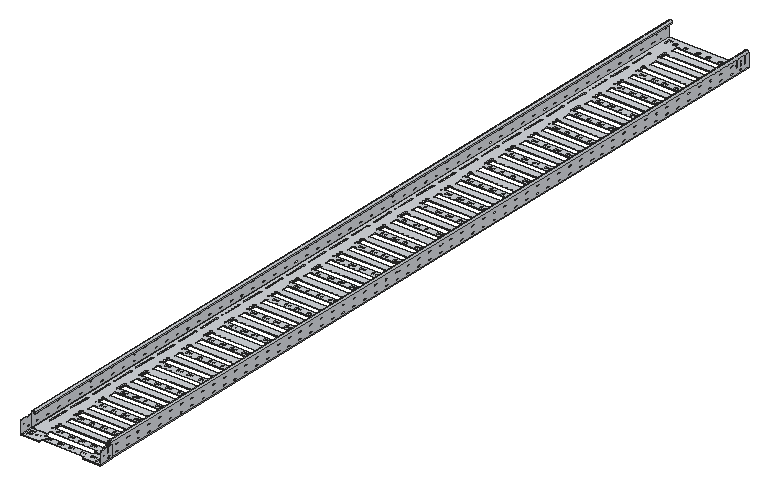
Revit family "MKSM Magic Kabelrinne 1 mm- MKSM 630 FT,FS", category Generic Models, Revit 2017
Family settings
  Can host rebar = No
  Round Connector Dimension = Use Diameter
  Part Type = Normal
  Work Plane-Based = No
  Always vertical = Yes
  Cut with Voids When Loaded = No
  Shared = No
  Room Calculation Point = No
Parameters (values of type "MKSM 630 FS")
  Width 1 = Width / 2  # 150 mm
  Width = 300 mm
  URL = "http://www.obo-bettermann.com"
  Material = Strip galvanised
  Manufacturer Art.No. = "6059006"
  Manufacturer = "OBO Bettermann"
  Length 4 = 2847 mm
  Length 3 = 2745 mm
  Length 2 = 2897.5 mm
  Length 1 = 3000 mm
  Length = 3050 mm
  Height 1 = 48.3 mm
  Height = 60 mm
  GTIN = "4012195829959"
  Cut's space 2 = 101.7 mm
  Cut's space = 50.8 mm
  Cut's number 4 = Length 4 / Cut's space 2  # 28
  Cut's number 3 = Length 3 / Cut's space 2  # 27
  Cut's number 2 = Length 2 / Cut's space  # 57
  Cut's number = 2
  Article Type = "MKSM 630 FS"
Reference planes
  plane 1 "Center (Front/Back)": y = 0
  plane 2: z = 0
  plane 3 "Center (Left/Right)": x = 0
  plane 4: z = 51
  plane 5: z = 60
  plane 6: z = 51
  plane 7: z = 60
  plane 8: z = -3.6
  plane 9: z = -1.75
  plane 10: z = -1.75
  plane 11: z = 59.988
  plane 12: z = -1.75
  plane 13: z = 14.002
  plane 14: z = 0
  plane 15: y = 3000
  plane 16: y = -50
  plane 17: z = 0
  plane 18: y = 2964.15
  plane 19: z = 27.495
  plane 20: z = 34.995
  plane 21: y = 2964.15
  plane 22: z = 27.5
  plane 23: z = 38.995
  plane 24: z = 34.995
  plane 25: z = 34.972
  plane 26: z = 13.995
  plane 27: z = 13.709
  plane 28: z = 14
  plane 29: z = 39
  plane 30: y = 2923.75
  plane 31: z = 13.995
  plane 32: z = 38.995
  plane 33: x = -20
  plane 34: x = 20
  plane 35: y = -24.58
  plane 36: x = -65
  plane 37: x = 65
  plane 38: x = -131
  plane 39: x = 131
  plane 40: y = -16.58
  plane 41: y = -32.58
  plane 42: y = -16.58
  plane 43: y = -32.58
  plane 44: x = -104
  plane 45: x = 104
  plane 46: y = 2974.9
  plane 47: y = 2974.9
  plane 48: x = 0
  plane 49: x = -20
  plane 50: x = 20
  plane 51: x = 15.016
  plane 52: x = 27.016
  plane 53: y = 2969.9
  plane 54: y = 2979.859
  plane 55: x = -13
  plane 56: y = 2979.9
  plane 57: x = -27
  plane 58: x = -15
  plane 59: y = 2969.9
  plane 60: x = -131
  plane 61: x = 131
  plane 62: x = -104
  plane 63: x = 104
  plane 64: x = -111
  plane 65: x = -109
  plane 66: x = -97
  plane 67: y = 2969.9
  plane 68: y = 2979.702
  plane 69: x = 111
  plane 70: x = 97
  plane 71: x = 109
  plane 72: y = 2979.9
  plane 73: y = 2969.9
  plane 74: x = -65
  plane 75: x = 65
  plane 76: x = 65
  plane 77: z = -3.5
  plane 78: x = 65
  plane 79: z = -3.5
  plane 80: x = 65
  plane 81: z = -5.919
  plane 82: x = 59
  plane 83: x = 71
  plane 84: x = -65
  plane 85: z = -3.5
  plane 86: x = -71
  plane 87: x = -59
  plane 88: z = -3.5
  plane 89: y = 2978.15
  plane 90: y = 2971.65
  plane 91: x = 131
  plane 92: x = 137
  plane 93: x = 125
  plane 94: x = -131
  plane 95: x = -125
  plane 96: x = -137
  plane 97: y = 2970
  plane 98: y = 2963.5
  plane 99: y = 2966.75
  plane 100: y = 2982.75
  plane 101: y = 2986
  plane 102: y = 2979.5
  plane 103: y = 77.08
  plane 104: x = -20
  plane 105: x = 20
  plane 106: x = -131
  plane 107: x = 131
  plane 108: y = 102.5
  plane 109: y = 142
  plane 110: y = 63
  plane 111: y = 63
  plane 112: y = 243.733
  plane 113: y = 164.733
  plane 114: y = 164.733
  plane 115: y = 345.458
  plane 116: y = 266.458
  plane 117: y = 266.458
  plane 118: y = 447.183
  plane 119: y = 368.183
  plane 120: y = 368.183
  plane 121: y = 548.908
  plane 122: y = 469.908
  plane 123: y = 469.908
  plane 124: y = 650.633
  plane 125: y = 571.633
  plane 126: y = 571.633
  plane 127: y = 752.358
  plane 128: y = 673.358
  plane 129: y = 673.358
  plane 130: y = 854.083
  plane 131: y = 775.083
  plane 132: y = 775.083
  plane 133: y = 955.808
  plane 134: y = 876.808
  plane 135: y = 876.808
  plane 136: y = 1057.533
  plane 137: y = 978.533
  plane 138: y = 978.533
  plane 139: y = 1159.259
  plane 140: y = 1080.259
  plane 141: y = 1080.259
  plane 142: y = 1260.984
  plane 143: y = 1181.984
  plane 144: y = 1181.984
  plane 145: y = 1362.709
  plane 146: y = 1283.709
  plane 147: y = 1283.709
  plane 148: y = 1464.434
  plane 149: y = 1385.434
  plane 150: y = 1385.434
  plane 151: y = 1566.159
  plane 152: y = 1487.159
  plane 153: y = 1487.159
  plane 154: y = 1667.884
  plane 155: y = 1588.884
  plane 156: y = 1588.884
  plane 157: y = 1769.609
  plane 158: y = 1690.609
  plane 159: y = 1690.609
  plane 160: y = 1871.334
  plane 161: y = 1792.334
  plane 162: y = 1792.334
  plane 163: y = 1973.06
  plane 164: y = 1894.06
  plane 165: y = 1894.06
  plane 166: y = 2074.785
  plane 167: y = 1995.785
  plane 168: y = 1995.785
  plane 169: y = 2176.51
  plane 170: y = 2097.51
  plane 171: y = 2097.51
  plane 172: y = 2278.235
  plane 173: y = 2199.235
  plane 174: y = 2199.235
  plane 175: y = 2379.96
  plane 176: y = 2300.96
  plane 177: y = 2300.96
  plane 178: y = 2481.685
  plane 179: y = 2402.685
  plane 180: y = 2402.685
  plane 181: y = 2583.41
  plane 182: y = 2504.41
  plane 183: y = 2504.41
  plane 184: y = 2685.135
  plane 185: y = 2606.135
  plane 186: y = 2606.135
  plane 187: y = 2786.86
  plane 188: y = 2707.86
  plane 189: y = 2707.86
  plane 190: y = 2888.586
  plane 191: y = 2809.586
  plane 192: y = 2809.586
  plane 193: y = 138.048
  plane 194: y = 48.048
  plane 195: y = 48.048
  plane 196: y = 0.83
  plane 197: y = -48.462
  plane 198: y = 239.727
  plane 199: y = 149.727
  plane 200: y = 149.727
  plane 201: y = 341.396
  plane 202: y = 251.396
  plane 203: y = 251.396
  plane 204: y = 443.064
  plane 205: y = 353.064
  plane 206: y = 353.064
  plane 207: y = 544.732
  plane 208: y = 454.732
  plane 209: y = 454.732
  plane 210: y = 646.401
  plane 211: y = 556.401
  plane 212: y = 556.401
  plane 213: y = 748.069
  plane 214: y = 658.069
  plane 215: y = 658.069
  plane 216: y = 849.738
  plane 217: y = 759.738
  plane 218: y = 759.738
  plane 219: y = 951.406
  plane 220: y = 861.406
  plane 221: y = 861.406
  plane 222: y = 1053.074
  plane 223: y = 963.074
  plane 224: y = 963.074
  plane 225: y = 1154.743
  plane 226: y = 1064.743
  plane 227: y = 1064.743
  plane 228: y = 1256.411
  plane 229: y = 1166.411
  plane 230: y = 1166.411
  plane 231: y = 1358.08
  plane 232: y = 1268.08
  plane 233: y = 1268.08
  plane 234: y = 1459.748
  plane 235: y = 1369.748
  plane 236: y = 1369.748
  plane 237: y = 1561.416
  plane 238: y = 1471.416
  plane 239: y = 1471.416
  plane 240: y = 1663.085
  plane 241: y = 1573.085
  plane 242: y = 1573.085
  plane 243: y = 1764.753
  plane 244: y = 1674.753
  plane 245: y = 1674.753
  plane 246: y = 1866.422
  plane 247: y = 1776.422
  plane 248: y = 1776.422
  plane 249: y = 1968.09
  plane 250: y = 1878.09
  plane 251: y = 1878.09
  plane 252: y = 2069.758
  plane 253: y = 1979.758
  plane 254: y = 1979.758
  plane 255: y = 2171.427
  plane 256: y = 2081.427
  plane 257: y = 2081.427
  plane 258: y = 2273.095
  plane 259: y = 2183.095
  plane 260: y = 2183.095
  plane 261: y = 2374.764
  plane 262: y = 2284.764
  plane 263: y = 2284.764
  plane 264: y = 2476.432
  plane 265: y = 2386.432
  plane 266: y = 2386.432
  plane 267: y = 2578.1
  plane 268: y = 2488.1
  plane 269: y = 2488.1
  plane 270: y = 2679.769
  plane 271: y = 2589.769
  plane 272: y = 2589.769
  plane 273: y = 2781.437
  plane 274: y = 2691.437
  plane 275: y = 2691.437
  plane 276: y = 2883.106
  plane 277: y = 2793.106
  plane 278: y = 2793.106
  plane 279: y = 50.83
  plane 280: x = 96
  plane 281: x = -96
  plane 282: y = 152.559
  plane 283: x = 96
  plane 284: x = -96
  plane 285: y = 2948.948
  plane 286: y = 26.25
  plane 287: x = -65
  plane 288: x = 65
  plane 289: x = -65
  plane 290: x = 65
  plane 291: x = -65
  plane 292: x = 65
  plane 293: x = -65
  plane 294: x = 65
  plane 295: x = -65
  plane 296: x = 65
  plane 297: x = -65
  plane 298: x = 65
  plane 299: x = -65
  plane 300: x = 65
  plane 301: x = -65
  plane 302: x = 65
  plane 303: x = -65
  plane 304: x = 65
  plane 305: x = -65
  plane 306: x = 65
  plane 307: x = -65
  plane 308: x = 65
  plane 309: x = -65
  plane 310: x = 65
  plane 311: x = -65
  plane 312: x = 65
  plane 313: x = -65
  plane 314: x = 65
  plane 315: x = -65
  plane 316: x = 65
  plane 317: x = -65
  plane 318: x = 65
  plane 319: x = -65
  plane 320: x = 65
  plane 321: x = -65
  plane 322: x = 65
  plane 323: x = -65
  plane 324: x = 65
  plane 325: x = -65
  plane 326: x = 65
  plane 327: x = -65
  plane 328: x = 65
  plane 329: x = -65
  plane 330: x = 65
  plane 331: x = -65
  plane 332: x = 65
  plane 333: x = -65
  plane 334: x = 65
  plane 335: x = -65
  plane 336: x = 65
  plane 337: x = -65
  plane 338: x = 65
  plane 339: x = -65
  plane 340: x = 65
  plane 341: x = -65
  plane 342: x = 65
  plane 343: y = 2792.586
  plane 344: y = 2745.62
  plane 345: y = 2847.278
  plane 346: y = 2695.772
  plane 347: y = 2847.278
  plane 348: y = 152.519
  plane 349: y = 254.305
  plane 350: x = 96
  plane 351: x = -96
  plane 352: y = 356.051
  plane 353: x = 96
  plane 354: x = -96
  plane 355: y = 457.797
  plane 356: x = 96
  plane 357: x = -96
  plane 358: y = 559.543
  plane 359: x = 96
  plane 360: x = -96
  plane 361: y = 661.289
  plane 362: x = 96
  plane 363: x = -96
  plane 364: y = 763.035
  plane 365: x = 96
  plane 366: x = -96
  plane 367: y = 864.782
  plane 368: x = 96
  plane 369: x = -96
  plane 370: y = 966.528
  plane 371: x = 96
  plane 372: x = -96
  plane 373: y = 1068.274
  plane 374: x = 96
  plane 375: x = -96
  plane 376: y = 1170.02
  plane 377: x = 96
  plane 378: x = -96
  plane 379: y = 1271.766
  plane 380: x = 96
  plane 381: x = -96
  plane 382: y = 1373.512
  plane 383: x = 96
  plane 384: x = -96
  plane 385: y = 1475.258
  plane 386: x = 96
  plane 387: x = -96
  plane 388: y = 1577.005
  plane 389: x = 96
  plane 390: x = -96
  plane 391: y = 1678.751
  plane 392: x = 96
  plane 393: x = -96
  plane 394: y = 1780.497
  plane 395: x = 96
  plane 396: x = -96
  plane 397: y = 1882.243
  plane 398: x = 96
  plane 399: x = -96
  plane 400: y = 1983.989
  plane 401: x = 96
  plane 402: x = -96
  plane 403: y = 2085.735
  plane 404: x = 96
  plane 405: x = -96
  plane 406: y = 2187.481
  plane 407: x = 96
  plane 408: x = -96
  plane 409: y = 2289.228
  plane 410: x = 96
  plane 411: x = -96
  plane 412: y = 2390.974
  plane 413: x = 96
  plane 414: x = -96
  plane 415: y = 2492.72
  plane 416: x = 96
  plane 417: x = -96
  plane 418: y = 2594.466
  plane 419: x = 96
  plane 420: x = -96
  plane 421: y = 2696.212
  plane 422: x = 96
  plane 423: x = -96
  plane 424: y = 2797.958
  plane 425: x = 96
  plane 426: x = -96
  plane 427: y = 2899.704
  plane 428: x = 96
  plane 429: x = -96
  plane 430: y = -47.034
  plane 431: z = 29.6
  plane 432: y = -35
  plane 433: y = -35
  plane 434: z = 27.636
  plane 435: y = -22
  plane 436: z = 17.5
  plane 437: y = -20
  plane 438: y = -17.5
  plane 439: z = 38.367
  plane 440: y = -15
  plane 441: y = -22
  plane 442: y = -15
  plane 443: y = -28
  plane 444: y = -15
Forms (mm)
  Extrusion 1, solid
    sketch origin (0, 0, 0) x (1, 0, 0) y (0, 0, 1)
      loop
        line (-150, 54) -> (-150, 2.5)
        arc (-150, 2.5) -> (-149.268, 0.732) -> (-147.5, 0) r 2.5
        line (-147.5, 0) -> (147.5, 0)
        arc (147.5, 0) -> (149.268, 0.732) -> (150, 2.5) r 2.5
        line (150, 2.5) -> (150, 54)
        arc (150, 54) -> (144, 60) -> (138, 54) r 6
        line (138, 54) -> (138, 51) -> (139, 51) -> (139, 54)
        arc (139, 54) -> (144, 59) -> (149, 54) r 5
        line (149, 54) -> (149, 2)
        arc (149, 2) -> (148.707, 1.293) -> (148, 1) r 1
        line (148, 1) -> (-148, 1)
        arc (-148, 1) -> (-148.707, 1.293) -> (-149, 2) r 1
        line (-149, 2) -> (-149, 54)
        arc (-149, 54) -> (-144, 59) -> (-139, 54) r 5
        line (-139, 54) -> (-139, 51) -> (-138, 51) -> (-138, 54)
        arc (-138, 54) -> (-144, 60) -> (-150, 54) r 6
    from 0 to -3000
  Extrusion 2, solid
    sketch origin (0.084, 0, -3.598) x (1, 0, 0) y (0, 0, 1)
      loop
        line (-150.084, 50.148) -> (-151.834, 50.148) -> (-151.834, 6.148)
        arc (-151.834, 6.148) -> (-150.575, 3.108) -> (-147.534, 1.848) r 4.3
        line (-147.534, 1.848) -> (147.502, 1.848)
        arc (147.502, 1.848) -> (150.475, 3.08) -> (151.706, 6.052) r 4.204
        line (151.706, 6.052) -> (151.706, 50.148) -> (149.916, 50.148) -> (149.916, 6.002)
        arc (149.916, 6.002) -> (149.212, 4.302) -> (147.512, 3.598) r 2.404
        line (147.512, 3.598) -> (-147.584, 3.598)
        arc (-147.584, 3.598) -> (-149.352, 4.33) -> (-150.084, 6.098) r 2.5
        line (-150.084, 6.098) -> (-150.084, 50.148)
    from 50 to 0
  Extrusion 3, void
    sketch origin (0, 0, 0) x (0, 1, 0) y (0, 0, 1)
      loop
        arc (2960.172, 17.54) -> (2956.65, 14.018) -> (2960.172, 10.495) r 3.522
        line (2960.172, 10.495) -> (2968.128, 10.495)
        arc (2968.128, 10.495) -> (2971.65, 14.018) -> (2968.128, 17.54) r 3.522
        line (2968.128, 17.54) -> (2960.172, 17.54)
    from 149 to 150
  Extrusion 4, void
    sketch origin (0, 0, 0) x (0, 1, 0) y (0, 0, 1)
      loop
        line (2960.15, 31.495) -> (2960.15, 23.495) -> (2968.15, 23.495) -> (2968.15, 31.495) -> (2960.15, 31.495)
    from 149 to 150
  Extrusion 5, void
    sketch origin (0, 0, 0) x (0, 1, 0) y (0, 0, 1)
      loop
        line (2979.15, 22.745) -> (2986.65, 22.745)
        arc (2986.65, 22.745) -> (2987.004, 22.892) -> (2987.15, 23.245) r 0.5
        line (2987.15, 23.245) -> (2987.15, 30.495)
        arc (2987.15, 30.495) -> (2987.296, 30.849) -> (2987.65, 30.995) r 0.5
        line (2987.65, 30.995) -> (2989.15, 30.995)
        arc (2989.15, 30.995) -> (2989.504, 31.142) -> (2989.65, 31.495) r 0.5
        line (2989.65, 31.495) -> (2989.65, 38.495)
        arc (2989.65, 38.495) -> (2989.504, 38.849) -> (2989.15, 38.995) r 0.5
        line (2989.15, 38.995) -> (2987.65, 38.995)
        arc (2987.65, 38.995) -> (2987.296, 39.142) -> (2987.15, 39.495) r 0.5
        line (2987.15, 39.495) -> (2987.15, 46.745)
        arc (2987.15, 46.745) -> (2987.004, 47.099) -> (2986.65, 47.245) r 0.5
        line (2986.65, 47.245) -> (2979.15, 47.245) -> (2979.15, 22.745)
    from 149 to 150
  Extrusion 6, void
    sketch origin (0, 0, 0) x (0, 1, 0) y (0, 0, 1)
      loop
        line (2949.15, 47.245) -> (2941.65, 47.245)
        arc (2941.65, 47.245) -> (2941.296, 47.099) -> (2941.15, 46.745) r 0.5
        line (2941.15, 46.745) -> (2941.15, 39.495)
        arc (2941.15, 39.495) -> (2941.004, 39.142) -> (2940.65, 38.995) r 0.5
        line (2940.65, 38.995) -> (2939.192, 38.995)
        arc (2939.192, 38.995) -> (2938.838, 38.849) -> (2938.692, 38.495) r 0.5
        line (2938.692, 38.495) -> (2938.692, 31.495)
        arc (2938.692, 31.495) -> (2938.838, 31.142) -> (2939.192, 30.995) r 0.5
        line (2939.192, 30.995) -> (2940.65, 30.995)
        arc (2940.65, 30.995) -> (2941.004, 30.849) -> (2941.15, 30.495) r 0.5
        line (2941.15, 30.495) -> (2941.15, 23.245)
        arc (2941.15, 23.245) -> (2941.296, 22.892) -> (2941.65, 22.745) r 0.5
        line (2941.65, 22.745) -> (2949.15, 22.745) -> (2949.15, 47.245)
    from 149 to 150
  Extrusion 7, void
    sketch origin (0, 0, 0) x (0, 1, 0) y (0, 0, 1)
      loop
        line (2968.15, 17.495) -> (2960.15, 17.495)
        arc (2960.15, 17.495) -> (2956.65, 13.995) -> (2960.15, 10.495) r 3.5
        line (2960.15, 10.495) -> (2968.15, 10.495)
        arc (2968.15, 10.495) -> (2971.65, 13.995) -> (2968.15, 17.495) r 3.5
    from -150 to -149
  Extrusion 8, void
    sketch origin (0, 0, 0) x (0, 1, 0) y (0, 0, 1)
      loop
        line (2968.15, 31.5) -> (2960.15, 31.5) -> (2960.15, 23.5) -> (2968.15, 23.5) -> (2968.15, 31.5)
    from -150 to -149
  Extrusion 9, void
    sketch origin (0, 0, 0) x (0, 1, 0) y (0, 0, 1)
      loop
        line (2968.15, 42.495) -> (2960.15, 42.495)
        arc (2960.15, 42.495) -> (2956.65, 38.995) -> (2960.15, 35.495) r 3.5
        line (2960.15, 35.495) -> (2968.15, 35.495)
        arc (2968.15, 35.495) -> (2971.65, 38.995) -> (2968.15, 42.495) r 3.5
    from -150 to -149
  Extrusion 10, void
    sketch origin (0, 0, 0) x (0, 1, 0) y (0, 0, 1)
      loop
        arc (2960.15, 42.495) -> (2956.65, 38.995) -> (2960.15, 35.495) r 3.5
        line (2960.15, 35.495) -> (2968.15, 35.495)
        arc (2968.15, 35.495) -> (2971.65, 38.995) -> (2968.15, 42.495) r 3.5
        line (2968.15, 42.495) -> (2960.15, 42.495)
    from 149 to 150
  Extrusion 11, void
    sketch origin (0, 0, 0) x (0, 1, 0) y (0, 0, 1)
      loop
        line (2979.15, 47.25) -> (2979.15, 22.75) -> (2986.65, 22.75)
        arc (2986.65, 22.75) -> (2987.004, 22.896) -> (2987.15, 23.25) r 0.5
        line (2987.15, 23.25) -> (2987.15, 30.631)
        arc (2987.15, 30.631) -> (2987.296, 30.985) -> (2987.65, 31.131) r 0.5
        line (2987.65, 31.131) -> (2989.15, 31.131)
        arc (2989.15, 31.131) -> (2989.504, 31.277) -> (2989.65, 31.631) r 0.5
        line (2989.65, 31.631) -> (2989.65, 38.451)
        arc (2989.65, 38.451) -> (2989.49, 38.836) -> (2989.105, 38.995) r 0.545
        line (2989.105, 38.995) -> (2987.65, 38.995)
        arc (2987.65, 38.995) -> (2987.296, 39.142) -> (2987.15, 39.495) r 0.5
        line (2987.15, 39.495) -> (2987.15, 46.75)
        arc (2987.15, 46.75) -> (2987.004, 47.104) -> (2986.65, 47.25) r 0.5
        line (2986.65, 47.25) -> (2979.15, 47.25)
    from -150 to -149
  Extrusion 12, void
    sketch origin (0, 0, 0) x (0, 1, 0) y (0, 0, 1)
      loop
        line (2949.15, 47.222) -> (2941.65, 47.222)
        arc (2941.65, 47.222) -> (2941.296, 47.075) -> (2941.15, 46.722) r 0.5
        line (2941.15, 46.722) -> (2941.15, 39.495)
        arc (2941.15, 39.495) -> (2941.004, 39.142) -> (2940.65, 38.995) r 0.5
        line (2940.65, 38.995) -> (2939.15, 38.995)
        arc (2939.15, 38.995) -> (2938.796, 38.849) -> (2938.65, 38.495) r 0.5
        line (2938.65, 38.495) -> (2938.65, 31.486)
        arc (2938.65, 31.486) -> (2938.796, 31.132) -> (2939.15, 30.986) r 0.5
        line (2939.15, 30.986) -> (2940.65, 30.986)
        arc (2940.65, 30.986) -> (2941.004, 30.839) -> (2941.15, 30.486) r 0.5
        line (2941.15, 30.486) -> (2941.15, 23.238)
        arc (2941.15, 23.238) -> (2941.301, 22.873) -> (2941.666, 22.722) r 0.516
        line (2941.666, 22.722) -> (2949.15, 22.722) -> (2949.15, 47.222)
    from -150 to -149
  Extrusion 13, void
    sketch origin (0, 0, 0) x (0, 1, 0) y (0, 0, 1)
      loop
        line (32.75, 17.5) -> (19.75, 17.5)
        arc (19.75, 17.5) -> (16.25, 14) -> (19.75, 10.5) r 3.5
        line (19.75, 10.5) -> (32.75, 10.5)
        arc (32.75, 10.5) -> (36.25, 14) -> (32.75, 17.5) r 3.5
    from -150 to -149
  Extrusion 14, void
    sketch origin (0, 0, 0) x (0, 1, 0) y (0, 0, 1)
      loop
        arc (19.75, 17.5) -> (16.25, 14) -> (19.75, 10.5) r 3.5
        line (19.75, 10.5) -> (32.75, 10.5)
        arc (32.75, 10.5) -> (36.25, 14) -> (32.75, 17.5) r 3.5
        line (32.75, 17.5) -> (19.75, 17.5)
    from 149 to 150
  Extrusion 15, void
    sketch origin (0, 50.781, 0) x (0, 1, 0) y (0, 0, 1)
      loop
        line (32.75, 17.5) -> (19.75, 17.5)
        arc (19.75, 17.5) -> (16.25, 14) -> (19.75, 10.5) r 3.5
        line (19.75, 10.5) -> (32.75, 10.5)
        arc (32.75, 10.5) -> (36.25, 14) -> (32.75, 17.5) r 3.5
    from -150 to -149
  Extrusion 16, void
    sketch origin (0, 50.758, 0) x (0, 1, 0) y (0, 0, 1)
      loop
        arc (19.75, 17.5) -> (16.25, 14) -> (19.75, 10.5) r 3.5
        line (19.75, 10.5) -> (32.75, 10.5)
        arc (32.75, 10.5) -> (36.25, 14) -> (32.75, 17.5) r 3.5
        line (32.75, 17.5) -> (19.75, 17.5)
    from 149 to 150
  Extrusion 17, void
    sketch origin (0, 101.58, 0) x (0, 1, 0) y (0, 0, 1)
      loop
        line (32.75, 17.5) -> (19.75, 17.5)
        arc (19.75, 17.5) -> (16.25, 14) -> (19.75, 10.5) r 3.5
        line (19.75, 10.5) -> (32.75, 10.5)
        arc (32.75, 10.5) -> (36.25, 14) -> (32.75, 17.5) r 3.5
    from -150 to -149
  Extrusion 18, void
    sketch origin (0, 152.38, 0) x (0, 1, 0) y (0, 0, 1)
      loop
        line (32.75, 17.5) -> (19.75, 17.5)
        arc (19.75, 17.5) -> (16.25, 14) -> (19.75, 10.5) r 3.5
        line (19.75, 10.5) -> (32.75, 10.5)
        arc (32.75, 10.5) -> (36.25, 14) -> (32.75, 17.5) r 3.5
    from -150 to -149
  Extrusion 19, void
    sketch origin (0, 203.179, 0) x (0, 1, 0) y (0, 0, 1)
      loop
        line (32.75, 17.5) -> (19.75, 17.5)
        arc (19.75, 17.5) -> (16.25, 14) -> (19.75, 10.5) r 3.5
        line (19.75, 10.5) -> (32.75, 10.5)
        arc (32.75, 10.5) -> (36.25, 14) -> (32.75, 17.5) r 3.5
    from -150 to -149
  Extrusion 20, void
    sketch origin (0, 253.978, 0) x (0, 1, 0) y (0, 0, 1)
      loop
        line (32.75, 17.5) -> (19.75, 17.5)
        arc (19.75, 17.5) -> (16.25, 14) -> (19.75, 10.5) r 3.5
        line (19.75, 10.5) -> (32.75, 10.5)
        arc (32.75, 10.5) -> (36.25, 14) -> (32.75, 17.5) r 3.5
    from -150 to -149
  Extrusion 21, void
    sketch origin (0, 304.777, 0) x (0, 1, 0) y (0, 0, 1)
      loop
        line (32.75, 17.5) -> (19.75, 17.5)
        arc (19.75, 17.5) -> (16.25, 14) -> (19.75, 10.5) r 3.5
        line (19.75, 10.5) -> (32.75, 10.5)
        arc (32.75, 10.5) -> (36.25, 14) -> (32.75, 17.5) r 3.5
    from -150 to -149
  Extrusion 22, void
    sketch origin (0, 355.576, 0) x (0, 1, 0) y (0, 0, 1)
      loop
        line (32.75, 17.5) -> (19.75, 17.5)
        arc (19.75, 17.5) -> (16.25, 14) -> (19.75, 10.5) r 3.5
        line (19.75, 10.5) -> (32.75, 10.5)
        arc (32.75, 10.5) -> (36.25, 14) -> (32.75, 17.5) r 3.5
    from -150 to -149
  Extrusion 23, void
    sketch origin (0, 406.376, 0) x (0, 1, 0) y (0, 0, 1)
      loop
        line (32.75, 17.5) -> (19.75, 17.5)
        arc (19.75, 17.5) -> (16.25, 14) -> (19.75, 10.5) r 3.5
        line (19.75, 10.5) -> (32.75, 10.5)
        arc (32.75, 10.5) -> (36.25, 14) -> (32.75, 17.5) r 3.5
    from -150 to -149
  Extrusion 24, void
    sketch origin (0, 457.175, 0) x (0, 1, 0) y (0, 0, 1)
      loop
        line (32.75, 17.5) -> (19.75, 17.5)
        arc (19.75, 17.5) -> (16.25, 14) -> (19.75, 10.5) r 3.5
        line (19.75, 10.5) -> (32.75, 10.5)
        arc (32.75, 10.5) -> (36.25, 14) -> (32.75, 17.5) r 3.5
    from -150 to -149
  Extrusion 25, void
    sketch origin (0, 507.974, 0) x (0, 1, 0) y (0, 0, 1)
      loop
        line (32.75, 17.5) -> (19.75, 17.5)
        arc (19.75, 17.5) -> (16.25, 14) -> (19.75, 10.5) r 3.5
        line (19.75, 10.5) -> (32.75, 10.5)
        arc (32.75, 10.5) -> (36.25, 14) -> (32.75, 17.5) r 3.5
    from -150 to -149
  Extrusion 26, void
    sketch origin (0, 558.773, 0) x (0, 1, 0) y (0, 0, 1)
      loop
        line (32.75, 17.5) -> (19.75, 17.5)
        arc (19.75, 17.5) -> (16.25, 14) -> (19.75, 10.5) r 3.5
        line (19.75, 10.5) -> (32.75, 10.5)
        arc (32.75, 10.5) -> (36.25, 14) -> (32.75, 17.5) r 3.5
    from -150 to -149
  Extrusion 27, void
    sketch origin (0, 609.572, 0) x (0, 1, 0) y (0, 0, 1)
      loop
        line (32.75, 17.5) -> (19.75, 17.5)
        arc (19.75, 17.5) -> (16.25, 14) -> (19.75, 10.5) r 3.5
        line (19.75, 10.5) -> (32.75, 10.5)
        arc (32.75, 10.5) -> (36.25, 14) -> (32.75, 17.5) r 3.5
    from -150 to -149
  Extrusion 28, void
    sketch origin (0, 660.372, 0) x (0, 1, 0) y (0, 0, 1)
      loop
        line (32.75, 17.5) -> (19.75, 17.5)
        arc (19.75, 17.5) -> (16.25, 14) -> (19.75, 10.5) r 3.5
        line (19.75, 10.5) -> (32.75, 10.5)
        arc (32.75, 10.5) -> (36.25, 14) -> (32.75, 17.5) r 3.5
    from -150 to -149
  Extrusion 29, void
    sketch origin (0, 711.171, 0) x (0, 1, 0) y (0, 0, 1)
      loop
        line (32.75, 17.5) -> (19.75, 17.5)
        arc (19.75, 17.5) -> (16.25, 14) -> (19.75, 10.5) r 3.5
        line (19.75, 10.5) -> (32.75, 10.5)
        arc (32.75, 10.5) -> (36.25, 14) -> (32.75, 17.5) r 3.5
    from -150 to -149
  Extrusion 30, void
    sketch origin (0, 761.97, 0) x (0, 1, 0) y (0, 0, 1)
      loop
        line (32.75, 17.5) -> (19.75, 17.5)
        arc (19.75, 17.5) -> (16.25, 14) -> (19.75, 10.5) r 3.5
        line (19.75, 10.5) -> (32.75, 10.5)
        arc (32.75, 10.5) -> (36.25, 14) -> (32.75, 17.5) r 3.5
    from -150 to -149
  Extrusion 31, void
    sketch origin (0, 812.769, 0) x (0, 1, 0) y (0, 0, 1)
      loop
        line (32.75, 17.5) -> (19.75, 17.5)
        arc (19.75, 17.5) -> (16.25, 14) -> (19.75, 10.5) r 3.5
        line (19.75, 10.5) -> (32.75, 10.5)
        arc (32.75, 10.5) -> (36.25, 14) -> (32.75, 17.5) r 3.5
    from -150 to -149
  Extrusion 32, void
    sketch origin (0, 863.569, 0) x (0, 1, 0) y (0, 0, 1)
      loop
        line (32.75, 17.5) -> (19.75, 17.5)
        arc (19.75, 17.5) -> (16.25, 14) -> (19.75, 10.5) r 3.5
        line (19.75, 10.5) -> (32.75, 10.5)
        arc (32.75, 10.5) -> (36.25, 14) -> (32.75, 17.5) r 3.5
    from -150 to -149
  Extrusion 33, void
    sketch origin (0, 914.368, 0) x (0, 1, 0) y (0, 0, 1)
      loop
        line (32.75, 17.5) -> (19.75, 17.5)
        arc (19.75, 17.5) -> (16.25, 14) -> (19.75, 10.5) r 3.5
        line (19.75, 10.5) -> (32.75, 10.5)
        arc (32.75, 10.5) -> (36.25, 14) -> (32.75, 17.5) r 3.5
    from -150 to -149
  Extrusion 34, void
    sketch origin (0, 965.167, 0) x (0, 1, 0) y (0, 0, 1)
      loop
        line (32.75, 17.5) -> (19.75, 17.5)
        arc (19.75, 17.5) -> (16.25, 14) -> (19.75, 10.5) r 3.5
        line (19.75, 10.5) -> (32.75, 10.5)
        arc (32.75, 10.5) -> (36.25, 14) -> (32.75, 17.5) r 3.5
    from -150 to -149
  Extrusion 35, void
    sketch origin (0, 1015.966, 0) x (0, 1, 0) y (0, 0, 1)
      loop
        line (32.75, 17.5) -> (19.75, 17.5)
        arc (19.75, 17.5) -> (16.25, 14) -> (19.75, 10.5) r 3.5
        line (19.75, 10.5) -> (32.75, 10.5)
        arc (32.75, 10.5) -> (36.25, 14) -> (32.75, 17.5) r 3.5
    from -150 to -149
  Extrusion 36, void
    sketch origin (0, 1066.765, 0) x (0, 1, 0) y (0, 0, 1)
      loop
        line (32.75, 17.5) -> (19.75, 17.5)
        arc (19.75, 17.5) -> (16.25, 14) -> (19.75, 10.5) r 3.5
        line (19.75, 10.5) -> (32.75, 10.5)
        arc (32.75, 10.5) -> (36.25, 14) -> (32.75, 17.5) r 3.5
    from -150 to -149
  Extrusion 37, void
    sketch origin (0, 1117.565, 0) x (0, 1, 0) y (0, 0, 1)
      loop
        line (32.75, 17.5) -> (19.75, 17.5)
        arc (19.75, 17.5) -> (16.25, 14) -> (19.75, 10.5) r 3.5
        line (19.75, 10.5) -> (32.75, 10.5)
        arc (32.75, 10.5) -> (36.25, 14) -> (32.75, 17.5) r 3.5
    from -150 to -149
  Extrusion 38, void
    sketch origin (0, 1168.364, 0) x (0, 1, 0) y (0, 0, 1)
      loop
        line (32.75, 17.5) -> (19.75, 17.5)
        arc (19.75, 17.5) -> (16.25, 14) -> (19.75, 10.5) r 3.5
        line (19.75, 10.5) -> (32.75, 10.5)
        arc (32.75, 10.5) -> (36.25, 14) -> (32.75, 17.5) r 3.5
    from -150 to -149
  Extrusion 39, void
    sketch origin (0, 1219.163, 0) x (0, 1, 0) y (0, 0, 1)
      loop
        line (32.75, 17.5) -> (19.75, 17.5)
        arc (19.75, 17.5) -> (16.25, 14) -> (19.75, 10.5) r 3.5
        line (19.75, 10.5) -> (32.75, 10.5)
        arc (32.75, 10.5) -> (36.25, 14) -> (32.75, 17.5) r 3.5
    from -150 to -149
  Extrusion 40, void
    sketch origin (0, 1269.962, 0) x (0, 1, 0) y (0, 0, 1)
      loop
        line (32.75, 17.5) -> (19.75, 17.5)
        arc (19.75, 17.5) -> (16.25, 14) -> (19.75, 10.5) r 3.5
        line (19.75, 10.5) -> (32.75, 10.5)
        arc (32.75, 10.5) -> (36.25, 14) -> (32.75, 17.5) r 3.5
    from -150 to -149
  Extrusion 41, void
    sketch origin (0, 1320.761, 0) x (0, 1, 0) y (0, 0, 1)
      loop
        line (32.75, 17.5) -> (19.75, 17.5)
        arc (19.75, 17.5) -> (16.25, 14) -> (19.75, 10.5) r 3.5
        line (19.75, 10.5) -> (32.75, 10.5)
        arc (32.75, 10.5) -> (36.25, 14) -> (32.75, 17.5) r 3.5
    from -150 to -149
  Extrusion 42, void
    sketch origin (0, 1371.561, 0) x (0, 1, 0) y (0, 0, 1)
      loop
        line (32.75, 17.5) -> (19.75, 17.5)
        arc (19.75, 17.5) -> (16.25, 14) -> (19.75, 10.5) r 3.5
        line (19.75, 10.5) -> (32.75, 10.5)
        arc (32.75, 10.5) -> (36.25, 14) -> (32.75, 17.5) r 3.5
    from -150 to -149
  Extrusion 43, void
    sketch origin (0, 1422.36, 0) x (0, 1, 0) y (0, 0, 1)
      loop
        line (32.75, 17.5) -> (19.75, 17.5)
        arc (19.75, 17.5) -> (16.25, 14) -> (19.75, 10.5) r 3.5
        line (19.75, 10.5) -> (32.75, 10.5)
        arc (32.75, 10.5) -> (36.25, 14) -> (32.75, 17.5) r 3.5
    from -150 to -149
  Extrusion 44, void
    sketch origin (0, 1473.159, 0) x (0, 1, 0) y (0, 0, 1)
      loop
        line (32.75, 17.5) -> (19.75, 17.5)
        arc (19.75, 17.5) -> (16.25, 14) -> (19.75, 10.5) r 3.5
        line (19.75, 10.5) -> (32.75, 10.5)
        arc (32.75, 10.5) -> (36.25, 14) -> (32.75, 17.5) r 3.5
    from -150 to -149
  Extrusion 45, void
    sketch origin (0, 1523.958, 0) x (0, 1, 0) y (0, 0, 1)
      loop
        line (32.75, 17.5) -> (19.75, 17.5)
        arc (19.75, 17.5) -> (16.25, 14) -> (19.75, 10.5) r 3.5
        line (19.75, 10.5) -> (32.75, 10.5)
        arc (32.75, 10.5) -> (36.25, 14) -> (32.75, 17.5) r 3.5
    from -150 to -149
  Extrusion 46, void
    sketch origin (0, 1574.757, 0) x (0, 1, 0) y (0, 0, 1)
      loop
        line (32.75, 17.5) -> (19.75, 17.5)
        arc (19.75, 17.5) -> (16.25, 14) -> (19.75, 10.5) r 3.5
        line (19.75, 10.5) -> (32.75, 10.5)
        arc (32.75, 10.5) -> (36.25, 14) -> (32.75, 17.5) r 3.5
    from -150 to -149
  Extrusion 47, void
    sketch origin (0, 1625.557, 0) x (0, 1, 0) y (0, 0, 1)
      loop
        line (32.75, 17.5) -> (19.75, 17.5)
        arc (19.75, 17.5) -> (16.25, 14) -> (19.75, 10.5) r 3.5
        line (19.75, 10.5) -> (32.75, 10.5)
        arc (32.75, 10.5) -> (36.25, 14) -> (32.75, 17.5) r 3.5
    from -150 to -149
  Extrusion 48, void
    sketch origin (0, 1676.356, 0) x (0, 1, 0) y (0, 0, 1)
      loop
        line (32.75, 17.5) -> (19.75, 17.5)
        arc (19.75, 17.5) -> (16.25, 14) -> (19.75, 10.5) r 3.5
        line (19.75, 10.5) -> (32.75, 10.5)
        arc (32.75, 10.5) -> (36.25, 14) -> (32.75, 17.5) r 3.5
    from -150 to -149
  Extrusion 49, void
    sketch origin (0, 1727.155, 0) x (0, 1, 0) y (0, 0, 1)
      loop
        line (32.75, 17.5) -> (19.75, 17.5)
        arc (19.75, 17.5) -> (16.25, 14) -> (19.75, 10.5) r 3.5
        line (19.75, 10.5) -> (32.75, 10.5)
        arc (32.75, 10.5) -> (36.25, 14) -> (32.75, 17.5) r 3.5
    from -150 to -149
  Extrusion 50, void
    sketch origin (0, 1777.954, 0) x (0, 1, 0) y (0, 0, 1)
      loop
        line (32.75, 17.5) -> (19.75, 17.5)
        arc (19.75, 17.5) -> (16.25, 14) -> (19.75, 10.5) r 3.5
        line (19.75, 10.5) -> (32.75, 10.5)
        arc (32.75, 10.5) -> (36.25, 14) -> (32.75, 17.5) r 3.5
    from -150 to -149
  Extrusion 51, void
    sketch origin (0, 1828.753, 0) x (0, 1, 0) y (0, 0, 1)
      loop
        line (32.75, 17.5) -> (19.75, 17.5)
        arc (19.75, 17.5) -> (16.25, 14) -> (19.75, 10.5) r 3.5
        line (19.75, 10.5) -> (32.75, 10.5)
        arc (32.75, 10.5) -> (36.25, 14) -> (32.75, 17.5) r 3.5
    from -150 to -149
  Extrusion 52, void
    sketch origin (0, 1879.553, 0) x (0, 1, 0) y (0, 0, 1)
      loop
        line (32.75, 17.5) -> (19.75, 17.5)
        arc (19.75, 17.5) -> (16.25, 14) -> (19.75, 10.5) r 3.5
        line (19.75, 10.5) -> (32.75, 10.5)
        arc (32.75, 10.5) -> (36.25, 14) -> (32.75, 17.5) r 3.5
    from -150 to -149
  Extrusion 53, void
    sketch origin (0, 1930.352, 0) x (0, 1, 0) y (0, 0, 1)
      loop
        line (32.75, 17.5) -> (19.75, 17.5)
        arc (19.75, 17.5) -> (16.25, 14) -> (19.75, 10.5) r 3.5
        line (19.75, 10.5) -> (32.75, 10.5)
        arc (32.75, 10.5) -> (36.25, 14) -> (32.75, 17.5) r 3.5
    from -150 to -149
  Extrusion 54, void
    sketch origin (0, 1981.151, 0) x (0, 1, 0) y (0, 0, 1)
      loop
        line (32.75, 17.5) -> (19.75, 17.5)
        arc (19.75, 17.5) -> (16.25, 14) -> (19.75, 10.5) r 3.5
        line (19.75, 10.5) -> (32.75, 10.5)
        arc (32.75, 10.5) -> (36.25, 14) -> (32.75, 17.5) r 3.5
    from -150 to -149
  Extrusion 55, void
    sketch origin (0, 2031.95, 0) x (0, 1, 0) y (0, 0, 1)
      loop
        line (32.75, 17.5) -> (19.75, 17.5)
        arc (19.75, 17.5) -> (16.25, 14) -> (19.75, 10.5) r 3.5
        line (19.75, 10.5) -> (32.75, 10.5)
        arc (32.75, 10.5) -> (36.25, 14) -> (32.75, 17.5) r 3.5
    from -150 to -149
  Extrusion 56, void
    sketch origin (0, 2082.75, 0) x (0, 1, 0) y (0, 0, 1)
      loop
        line (32.75, 17.5) -> (19.75, 17.5)
        arc (19.75, 17.5) -> (16.25, 14) -> (19.75, 10.5) r 3.5
        line (19.75, 10.5) -> (32.75, 10.5)
        arc (32.75, 10.5) -> (36.25, 14) -> (32.75, 17.5) r 3.5
    from -150 to -149
  Extrusion 57, void
    sketch origin (0, 2133.549, 0) x (0, 1, 0) y (0, 0, 1)
      loop
        line (32.75, 17.5) -> (19.75, 17.5)
        arc (19.75, 17.5) -> (16.25, 14) -> (19.75, 10.5) r 3.5
        line (19.75, 10.5) -> (32.75, 10.5)
        arc (32.75, 10.5) -> (36.25, 14) -> (32.75, 17.5) r 3.5
    from -150 to -149
  Extrusion 58, void
    sketch origin (0, 2184.348, 0) x (0, 1, 0) y (0, 0, 1)
      loop
        line (32.75, 17.5) -> (19.75, 17.5)
        arc (19.75, 17.5) -> (16.25, 14) -> (19.75, 10.5) r 3.5
        line (19.75, 10.5) -> (32.75, 10.5)
        arc (32.75, 10.5) -> (36.25, 14) -> (32.75, 17.5) r 3.5
    from -150 to -149
  Extrusion 59, void
    sketch origin (0, 2235.147, 0) x (0, 1, 0) y (0, 0, 1)
      loop
        line (32.75, 17.5) -> (19.75, 17.5)
        arc (19.75, 17.5) -> (16.25, 14) -> (19.75, 10.5) r 3.5
        line (19.75, 10.5) -> (32.75, 10.5)
        arc (32.75, 10.5) -> (36.25, 14) -> (32.75, 17.5) r 3.5
    from -150 to -149
  Extrusion 60, void
    sketch origin (0, 2285.946, 0) x (0, 1, 0) y (0, 0, 1)
      loop
        line (32.75, 17.5) -> (19.75, 17.5)
        arc (19.75, 17.5) -> (16.25, 14) -> (19.75, 10.5) r 3.5
        line (19.75, 10.5) -> (32.75, 10.5)
        arc (32.75, 10.5) -> (36.25, 14) -> (32.75, 17.5) r 3.5
    from -150 to -149
  Extrusion 61, void
    sketch origin (0, 2336.746, 0) x (0, 1, 0) y (0, 0, 1)
      loop
        line (32.75, 17.5) -> (19.75, 17.5)
        arc (19.75, 17.5) -> (16.25, 14) -> (19.75, 10.5) r 3.5
        line (19.75, 10.5) -> (32.75, 10.5)
        arc (32.75, 10.5) -> (36.25, 14) -> (32.75, 17.5) r 3.5
    from -150 to -149
  Extrusion 62, void
    sketch origin (0, 2387.545, 0) x (0, 1, 0) y (0, 0, 1)
      loop
        line (32.75, 17.5) -> (19.75, 17.5)
        arc (19.75, 17.5) -> (16.25, 14) -> (19.75, 10.5) r 3.5
        line (19.75, 10.5) -> (32.75, 10.5)
        arc (32.75, 10.5) -> (36.25, 14) -> (32.75, 17.5) r 3.5
    from -150 to -149
  Extrusion 63, void
    sketch origin (0, 2438.344, 0) x (0, 1, 0) y (0, 0, 1)
      loop
        line (32.75, 17.5) -> (19.75, 17.5)
        arc (19.75, 17.5) -> (16.25, 14) -> (19.75, 10.5) r 3.5
        line (19.75, 10.5) -> (32.75, 10.5)
        arc (32.75, 10.5) -> (36.25, 14) -> (32.75, 17.5) r 3.5
    from -150 to -149
  Extrusion 64, void
    sketch origin (0, 2489.143, 0) x (0, 1, 0) y (0, 0, 1)
      loop
        line (32.75, 17.5) -> (19.75, 17.5)
        arc (19.75, 17.5) -> (16.25, 14) -> (19.75, 10.5) r 3.5
        line (19.75, 10.5) -> (32.75, 10.5)
        arc (32.75, 10.5) -> (36.25, 14) -> (32.75, 17.5) r 3.5
    from -150 to -149
  Extrusion 65, void
    sketch origin (0, 2539.942, 0) x (0, 1, 0) y (0, 0, 1)
      loop
        line (32.75, 17.5) -> (19.75, 17.5)
        arc (19.75, 17.5) -> (16.25, 14) -> (19.75, 10.5) r 3.5
        line (19.75, 10.5) -> (32.75, 10.5)
        arc (32.75, 10.5) -> (36.25, 14) -> (32.75, 17.5) r 3.5
    from -150 to -149
  Extrusion 66, void
    sketch origin (0, 2590.742, 0) x (0, 1, 0) y (0, 0, 1)
      loop
        line (32.75, 17.5) -> (19.75, 17.5)
        arc (19.75, 17.5) -> (16.25, 14) -> (19.75, 10.5) r 3.5
        line (19.75, 10.5) -> (32.75, 10.5)
        arc (32.75, 10.5) -> (36.25, 14) -> (32.75, 17.5) r 3.5
    from -150 to -149
  Extrusion 67, void
    sketch origin (0, 2641.541, 0) x (0, 1, 0) y (0, 0, 1)
      loop
        line (32.75, 17.5) -> (19.75, 17.5)
        arc (19.75, 17.5) -> (16.25, 14) -> (19.75, 10.5) r 3.5
        line (19.75, 10.5) -> (32.75, 10.5)
        arc (32.75, 10.5) -> (36.25, 14) -> (32.75, 17.5) r 3.5
    from -150 to -149
  Extrusion 68, void
    sketch origin (0, 2692.34, 0) x (0, 1, 0) y (0, 0, 1)
      loop
        line (32.75, 17.5) -> (19.75, 17.5)
        arc (19.75, 17.5) -> (16.25, 14) -> (19.75, 10.5) r 3.5
        line (19.75, 10.5) -> (32.75, 10.5)
        arc (32.75, 10.5) -> (36.25, 14) -> (32.75, 17.5) r 3.5
    from -150 to -149
  Extrusion 69, void
    sketch origin (0, 2743.139, 0) x (0, 1, 0) y (0, 0, 1)
      loop
        line (32.75, 17.5) -> (19.75, 17.5)
        arc (19.75, 17.5) -> (16.25, 14) -> (19.75, 10.5) r 3.5
        line (19.75, 10.5) -> (32.75, 10.5)
        arc (32.75, 10.5) -> (36.25, 14) -> (32.75, 17.5) r 3.5
    from -150 to -149
  Extrusion 70, void
    sketch origin (0, 2793.938, 0) x (0, 1, 0) y (0, 0, 1)
      loop
        line (32.75, 17.5) -> (19.75, 17.5)
        arc (19.75, 17.5) -> (16.25, 14) -> (19.75, 10.5) r 3.5
        line (19.75, 10.5) -> (32.75, 10.5)
        arc (32.75, 10.5) -> (36.25, 14) -> (32.75, 17.5) r 3.5
    from -150 to -149
  Extrusion 71, void
    sketch origin (0, 2844.738, 0) x (0, 1, 0) y (0, 0, 1)
      loop
        line (32.75, 17.5) -> (19.75, 17.5)
        arc (19.75, 17.5) -> (16.25, 14) -> (19.75, 10.5) r 3.5
        line (19.75, 10.5) -> (32.75, 10.5)
        arc (32.75, 10.5) -> (36.25, 14) -> (32.75, 17.5) r 3.5
    from -150 to -149
  Extrusion 72, void
    sketch origin (0, 2895.537, 0) x (0, 1, 0) y (0, 0, 1)
      loop
        line (32.75, 17.5) -> (19.75, 17.5)
        arc (19.75, 17.5) -> (16.25, 14) -> (19.75, 10.5) r 3.5
        line (19.75, 10.5) -> (32.75, 10.5)
        arc (32.75, 10.5) -> (36.25, 14) -> (32.75, 17.5) r 3.5
    from -150 to -149
  Extrusion 73, void
    sketch origin (0, 101.554, 0) x (0, 1, 0) y (0, 0, 1)
      loop
        arc (19.75, 17.5) -> (16.25, 14) -> (19.75, 10.5) r 3.5
        line (19.75, 10.5) -> (32.75, 10.5)
        arc (32.75, 10.5) -> (36.25, 14) -> (32.75, 17.5) r 3.5
        line (32.75, 17.5) -> (19.75, 17.5)
    from 149 to 150
  Extrusion 74, void
    sketch origin (0, 152.35, 0) x (0, 1, 0) y (0, 0, 1)
      loop
        arc (19.75, 17.5) -> (16.25, 14) -> (19.75, 10.5) r 3.5
        line (19.75, 10.5) -> (32.75, 10.5)
        arc (32.75, 10.5) -> (36.25, 14) -> (32.75, 17.5) r 3.5
        line (32.75, 17.5) -> (19.75, 17.5)
    from 149 to 150
  Extrusion 75, void
    sketch origin (0, 203.147, 0) x (0, 1, 0) y (0, 0, 1)
      loop
        arc (19.75, 17.5) -> (16.25, 14) -> (19.75, 10.5) r 3.5
        line (19.75, 10.5) -> (32.75, 10.5)
        arc (32.75, 10.5) -> (36.25, 14) -> (32.75, 17.5) r 3.5
        line (32.75, 17.5) -> (19.75, 17.5)
    from 149 to 150
  Extrusion 76, void
    sketch origin (0, 253.943, 0) x (0, 1, 0) y (0, 0, 1)
      loop
        arc (19.75, 17.5) -> (16.25, 14) -> (19.75, 10.5) r 3.5
        line (19.75, 10.5) -> (32.75, 10.5)
        arc (32.75, 10.5) -> (36.25, 14) -> (32.75, 17.5) r 3.5
        line (32.75, 17.5) -> (19.75, 17.5)
    from 149 to 150
  Extrusion 77, void
    sketch origin (0, 304.739, 0) x (0, 1, 0) y (0, 0, 1)
      loop
        arc (19.75, 17.5) -> (16.25, 14) -> (19.75, 10.5) r 3.5
        line (19.75, 10.5) -> (32.75, 10.5)
        arc (32.75, 10.5) -> (36.25, 14) -> (32.75, 17.5) r 3.5
        line (32.75, 17.5) -> (19.75, 17.5)
    from 149 to 150
  Extrusion 78, void
    sketch origin (0, 355.535, 0) x (0, 1, 0) y (0, 0, 1)
      loop
        arc (19.75, 17.5) -> (16.25, 14) -> (19.75, 10.5) r 3.5
        line (19.75, 10.5) -> (32.75, 10.5)
        arc (32.75, 10.5) -> (36.25, 14) -> (32.75, 17.5) r 3.5
        line (32.75, 17.5) -> (19.75, 17.5)
    from 149 to 150
  Extrusion 79, void
    sketch origin (0, 406.331, 0) x (0, 1, 0) y (0, 0, 1)
      loop
        arc (19.75, 17.5) -> (16.25, 14) -> (19.75, 10.5) r 3.5
        line (19.75, 10.5) -> (32.75, 10.5)
        arc (32.75, 10.5) -> (36.25, 14) -> (32.75, 17.5) r 3.5
        line (32.75, 17.5) -> (19.75, 17.5)
    from 149 to 150
  Extrusion 80, void
    sketch origin (0, 457.127, 0) x (0, 1, 0) y (0, 0, 1)
      loop
        arc (19.75, 17.5) -> (16.25, 14) -> (19.75, 10.5) r 3.5
        line (19.75, 10.5) -> (32.75, 10.5)
        arc (32.75, 10.5) -> (36.25, 14) -> (32.75, 17.5) r 3.5
        line (32.75, 17.5) -> (19.75, 17.5)
    from 149 to 150
  Extrusion 81, void
    sketch origin (0, 507.923, 0) x (0, 1, 0) y (0, 0, 1)
      loop
        arc (19.75, 17.5) -> (16.25, 14) -> (19.75, 10.5) r 3.5
        line (19.75, 10.5) -> (32.75, 10.5)
        arc (32.75, 10.5) -> (36.25, 14) -> (32.75, 17.5) r 3.5
        line (32.75, 17.5) -> (19.75, 17.5)
    from 149 to 150
  Extrusion 82, void
    sketch origin (0, 558.72, 0) x (0, 1, 0) y (0, 0, 1)
      loop
        arc (19.75, 17.5) -> (16.25, 14) -> (19.75, 10.5) r 3.5
        line (19.75, 10.5) -> (32.75, 10.5)
        arc (32.75, 10.5) -> (36.25, 14) -> (32.75, 17.5) r 3.5
        line (32.75, 17.5) -> (19.75, 17.5)
    from 149 to 150
  Extrusion 83, void
    sketch origin (0, 609.516, 0) x (0, 1, 0) y (0, 0, 1)
      loop
        arc (19.75, 17.5) -> (16.25, 14) -> (19.75, 10.5) r 3.5
        line (19.75, 10.5) -> (32.75, 10.5)
        arc (32.75, 10.5) -> (36.25, 14) -> (32.75, 17.5) r 3.5
        line (32.75, 17.5) -> (19.75, 17.5)
    from 149 to 150
  Extrusion 84, void
    sketch origin (0, 660.312, 0) x (0, 1, 0) y (0, 0, 1)
      loop
        arc (19.75, 17.5) -> (16.25, 14) -> (19.75, 10.5) r 3.5
        line (19.75, 10.5) -> (32.75, 10.5)
        arc (32.75, 10.5) -> (36.25, 14) -> (32.75, 17.5) r 3.5
        line (32.75, 17.5) -> (19.75, 17.5)
    from 149 to 150
  Extrusion 85, void
    sketch origin (0, 711.108, 0) x (0, 1, 0) y (0, 0, 1)
      loop
        arc (19.75, 17.5) -> (16.25, 14) -> (19.75, 10.5) r 3.5
        line (19.75, 10.5) -> (32.75, 10.5)
        arc (32.75, 10.5) -> (36.25, 14) -> (32.75, 17.5) r 3.5
        line (32.75, 17.5) -> (19.75, 17.5)
    from 149 to 150
  Extrusion 86, void
    sketch origin (0, 761.904, 0) x (0, 1, 0) y (0, 0, 1)
      loop
        arc (19.75, 17.5) -> (16.25, 14) -> (19.75, 10.5) r 3.5
        line (19.75, 10.5) -> (32.75, 10.5)
        arc (32.75, 10.5) -> (36.25, 14) -> (32.75, 17.5) r 3.5
        line (32.75, 17.5) -> (19.75, 17.5)
    from 149 to 150
  Extrusion 87, void
    sketch origin (0, 812.7, 0) x (0, 1, 0) y (0, 0, 1)
      loop
        arc (19.75, 17.5) -> (16.25, 14) -> (19.75, 10.5) r 3.5
        line (19.75, 10.5) -> (32.75, 10.5)
        arc (32.75, 10.5) -> (36.25, 14) -> (32.75, 17.5) r 3.5
        line (32.75, 17.5) -> (19.75, 17.5)
    from 149 to 150
  Extrusion 88, void
    sketch origin (0, 863.496, 0) x (0, 1, 0) y (0, 0, 1)
      loop
        arc (19.75, 17.5) -> (16.25, 14) -> (19.75, 10.5) r 3.5
        line (19.75, 10.5) -> (32.75, 10.5)
        arc (32.75, 10.5) -> (36.25, 14) -> (32.75, 17.5) r 3.5
        line (32.75, 17.5) -> (19.75, 17.5)
    from 149 to 150
  Extrusion 89, void
    sketch origin (0, 914.293, 0) x (0, 1, 0) y (0, 0, 1)
      loop
        arc (19.75, 17.5) -> (16.25, 14) -> (19.75, 10.5) r 3.5
        line (19.75, 10.5) -> (32.75, 10.5)
        arc (32.75, 10.5) -> (36.25, 14) -> (32.75, 17.5) r 3.5
        line (32.75, 17.5) -> (19.75, 17.5)
    from 149 to 150
  Extrusion 90, void
    sketch origin (0, 965.089, 0) x (0, 1, 0) y (0, 0, 1)
      loop
        arc (19.75, 17.5) -> (16.25, 14) -> (19.75, 10.5) r 3.5
        line (19.75, 10.5) -> (32.75, 10.5)
        arc (32.75, 10.5) -> (36.25, 14) -> (32.75, 17.5) r 3.5
        line (32.75, 17.5) -> (19.75, 17.5)
    from 149 to 150
  Extrusion 91, void
    sketch origin (0, 1015.885, 0) x (0, 1, 0) y (0, 0, 1)
      loop
        arc (19.75, 17.5) -> (16.25, 14) -> (19.75, 10.5) r 3.5
        line (19.75, 10.5) -> (32.75, 10.5)
        arc (32.75, 10.5) -> (36.25, 14) -> (32.75, 17.5) r 3.5
        line (32.75, 17.5) -> (19.75, 17.5)
    from 149 to 150
  Extrusion 92, void
    sketch origin (0, 1066.681, 0) x (0, 1, 0) y (0, 0, 1)
      loop
        arc (19.75, 17.5) -> (16.25, 14) -> (19.75, 10.5) r 3.5
        line (19.75, 10.5) -> (32.75, 10.5)
        arc (32.75, 10.5) -> (36.25, 14) -> (32.75, 17.5) r 3.5
        line (32.75, 17.5) -> (19.75, 17.5)
    from 149 to 150
  Extrusion 93, void
    sketch origin (0, 1117.477, 0) x (0, 1, 0) y (0, 0, 1)
      loop
        arc (19.75, 17.5) -> (16.25, 14) -> (19.75, 10.5) r 3.5
        line (19.75, 10.5) -> (32.75, 10.5)
        arc (32.75, 10.5) -> (36.25, 14) -> (32.75, 17.5) r 3.5
        line (32.75, 17.5) -> (19.75, 17.5)
    from 149 to 150
  Extrusion 94, void
    sketch origin (0, 1168.273, 0) x (0, 1, 0) y (0, 0, 1)
      loop
        arc (19.75, 17.5) -> (16.25, 14) -> (19.75, 10.5) r 3.5
        line (19.75, 10.5) -> (32.75, 10.5)
        arc (32.75, 10.5) -> (36.25, 14) -> (32.75, 17.5) r 3.5
        line (32.75, 17.5) -> (19.75, 17.5)
    from 149 to 150
  Extrusion 95, void
    sketch origin (0, 1219.069, 0) x (0, 1, 0) y (0, 0, 1)
      loop
        arc (19.75, 17.5) -> (16.25, 14) -> (19.75, 10.5) r 3.5
        line (19.75, 10.5) -> (32.75, 10.5)
        arc (32.75, 10.5) -> (36.25, 14) -> (32.75, 17.5) r 3.5
        line (32.75, 17.5) -> (19.75, 17.5)
    from 149 to 150
  Extrusion 96, void
    sketch origin (0, 1269.866, 0) x (0, 1, 0) y (0, 0, 1)
      loop
        arc (19.75, 17.5) -> (16.25, 14) -> (19.75, 10.5) r 3.5
        line (19.75, 10.5) -> (32.75, 10.5)
        arc (32.75, 10.5) -> (36.25, 14) -> (32.75, 17.5) r 3.5
        line (32.75, 17.5) -> (19.75, 17.5)
    from 149 to 150
  Extrusion 97, void
    sketch origin (0, 1320.662, 0) x (0, 1, 0) y (0, 0, 1)
      loop
        arc (19.75, 17.5) -> (16.25, 14) -> (19.75, 10.5) r 3.5
        line (19.75, 10.5) -> (32.75, 10.5)
        arc (32.75, 10.5) -> (36.25, 14) -> (32.75, 17.5) r 3.5
        line (32.75, 17.5) -> (19.75, 17.5)
    from 149 to 150
  Extrusion 98, void
    sketch origin (0, 1371.458, 0) x (0, 1, 0) y (0, 0, 1)
      loop
        arc (19.75, 17.5) -> (16.25, 14) -> (19.75, 10.5) r 3.5
        line (19.75, 10.5) -> (32.75, 10.5)
        arc (32.75, 10.5) -> (36.25, 14) -> (32.75, 17.5) r 3.5
        line (32.75, 17.5) -> (19.75, 17.5)
    from 149 to 150
  Extrusion 99, void
    sketch origin (0, 1422.254, 0) x (0, 1, 0) y (0, 0, 1)
      loop
        arc (19.75, 17.5) -> (16.25, 14) -> (19.75, 10.5) r 3.5
        line (19.75, 10.5) -> (32.75, 10.5)
        arc (32.75, 10.5) -> (36.25, 14) -> (32.75, 17.5) r 3.5
        line (32.75, 17.5) -> (19.75, 17.5)
    from 149 to 150
  Extrusion 100, void
    sketch origin (0, 1473.05, 0) x (0, 1, 0) y (0, 0, 1)
      loop
        arc (19.75, 17.5) -> (16.25, 14) -> (19.75, 10.5) r 3.5
        line (19.75, 10.5) -> (32.75, 10.5)
        arc (32.75, 10.5) -> (36.25, 14) -> (32.75, 17.5) r 3.5
        line (32.75, 17.5) -> (19.75, 17.5)
    from 149 to 150
  Extrusion 101, void
    sketch origin (0, 1523.846, 0) x (0, 1, 0) y (0, 0, 1)
      loop
        arc (19.75, 17.5) -> (16.25, 14) -> (19.75, 10.5) r 3.5
        line (19.75, 10.5) -> (32.75, 10.5)
        arc (32.75, 10.5) -> (36.25, 14) -> (32.75, 17.5) r 3.5
        line (32.75, 17.5) -> (19.75, 17.5)
    from 149 to 150
  Extrusion 102, void
    sketch origin (0, 1574.642, 0) x (0, 1, 0) y (0, 0, 1)
      loop
        arc (19.75, 17.5) -> (16.25, 14) -> (19.75, 10.5) r 3.5
        line (19.75, 10.5) -> (32.75, 10.5)
        arc (32.75, 10.5) -> (36.25, 14) -> (32.75, 17.5) r 3.5
        line (32.75, 17.5) -> (19.75, 17.5)
    from 149 to 150
  Extrusion 103, void
    sketch origin (0, 1625.439, 0) x (0, 1, 0) y (0, 0, 1)
      loop
        arc (19.75, 17.5) -> (16.25, 14) -> (19.75, 10.5) r 3.5
        line (19.75, 10.5) -> (32.75, 10.5)
        arc (32.75, 10.5) -> (36.25, 14) -> (32.75, 17.5) r 3.5
        line (32.75, 17.5) -> (19.75, 17.5)
    from 149 to 150
  Extrusion 104, void
    sketch origin (0, 1676.235, 0) x (0, 1, 0) y (0, 0, 1)
      loop
        arc (19.75, 17.5) -> (16.25, 14) -> (19.75, 10.5) r 3.5
        line (19.75, 10.5) -> (32.75, 10.5)
        arc (32.75, 10.5) -> (36.25, 14) -> (32.75, 17.5) r 3.5
        line (32.75, 17.5) -> (19.75, 17.5)
    from 149 to 150
  Extrusion 105, void
    sketch origin (0, 1727.031, 0) x (0, 1, 0) y (0, 0, 1)
      loop
        arc (19.75, 17.5) -> (16.25, 14) -> (19.75, 10.5) r 3.5
        line (19.75, 10.5) -> (32.75, 10.5)
        arc (32.75, 10.5) -> (36.25, 14) -> (32.75, 17.5) r 3.5
        line (32.75, 17.5) -> (19.75, 17.5)
    from 149 to 150
  Extrusion 106, void
    sketch origin (0, 1777.827, 0) x (0, 1, 0) y (0, 0, 1)
      loop
        arc (19.75, 17.5) -> (16.25, 14) -> (19.75, 10.5) r 3.5
        line (19.75, 10.5) -> (32.75, 10.5)
        arc (32.75, 10.5) -> (36.25, 14) -> (32.75, 17.5) r 3.5
        line (32.75, 17.5) -> (19.75, 17.5)
    from 149 to 150
  Extrusion 107, void
    sketch origin (0, 1828.623, 0) x (0, 1, 0) y (0, 0, 1)
      loop
        arc (19.75, 17.5) -> (16.25, 14) -> (19.75, 10.5) r 3.5
        line (19.75, 10.5) -> (32.75, 10.5)
        arc (32.75, 10.5) -> (36.25, 14) -> (32.75, 17.5) r 3.5
        line (32.75, 17.5) -> (19.75, 17.5)
    from 149 to 150
  Extrusion 108, void
    sketch origin (0, 1879.419, 0) x (0, 1, 0) y (0, 0, 1)
      loop
        arc (19.75, 17.5) -> (16.25, 14) -> (19.75, 10.5) r 3.5
        line (19.75, 10.5) -> (32.75, 10.5)
        arc (32.75, 10.5) -> (36.25, 14) -> (32.75, 17.5) r 3.5
        line (32.75, 17.5) -> (19.75, 17.5)
    from 149 to 150
  Extrusion 109, void
    sketch origin (0, 1930.215, 0) x (0, 1, 0) y (0, 0, 1)
      loop
        arc (19.75, 17.5) -> (16.25, 14) -> (19.75, 10.5) r 3.5
        line (19.75, 10.5) -> (32.75, 10.5)
        arc (32.75, 10.5) -> (36.25, 14) -> (32.75, 17.5) r 3.5
        line (32.75, 17.5) -> (19.75, 17.5)
    from 149 to 150
  Extrusion 110, void
    sketch origin (0, 1981.012, 0) x (0, 1, 0) y (0, 0, 1)
      loop
        arc (19.75, 17.5) -> (16.25, 14) -> (19.75, 10.5) r 3.5
        line (19.75, 10.5) -> (32.75, 10.5)
        arc (32.75, 10.5) -> (36.25, 14) -> (32.75, 17.5) r 3.5
        line (32.75, 17.5) -> (19.75, 17.5)
    from 149 to 150
  Extrusion 111, void
    sketch origin (0, 2031.808, 0) x (0, 1, 0) y (0, 0, 1)
      loop
        arc (19.75, 17.5) -> (16.25, 14) -> (19.75, 10.5) r 3.5
        line (19.75, 10.5) -> (32.75, 10.5)
        arc (32.75, 10.5) -> (36.25, 14) -> (32.75, 17.5) r 3.5
        line (32.75, 17.5) -> (19.75, 17.5)
    from 149 to 150
  Extrusion 112, void
    sketch origin (0, 2082.604, 0) x (0, 1, 0) y (0, 0, 1)
      loop
        arc (19.75, 17.5) -> (16.25, 14) -> (19.75, 10.5) r 3.5
        line (19.75, 10.5) -> (32.75, 10.5)
        arc (32.75, 10.5) -> (36.25, 14) -> (32.75, 17.5) r 3.5
        line (32.75, 17.5) -> (19.75, 17.5)
    from 149 to 150
  Extrusion 113, void
    sketch origin (0, 2133.4, 0) x (0, 1, 0) y (0, 0, 1)
      loop
        arc (19.75, 17.5) -> (16.25, 14) -> (19.75, 10.5) r 3.5
        line (19.75, 10.5) -> (32.75, 10.5)
        arc (32.75, 10.5) -> (36.25, 14) -> (32.75, 17.5) r 3.5
        line (32.75, 17.5) -> (19.75, 17.5)
    from 149 to 150
  Extrusion 114, void
    sketch origin (0, 2184.196, 0) x (0, 1, 0) y (0, 0, 1)
      loop
        arc (19.75, 17.5) -> (16.25, 14) -> (19.75, 10.5) r 3.5
